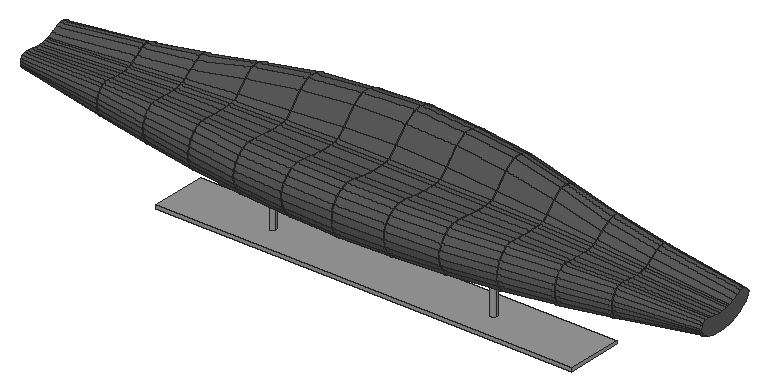
Revit family "Haworth_Inout_Sofa", category Furniture, Revit 2018
Family settings
  OmniClass Number = 23.40.20.00
  OmniClass Title = General Furniture and Specialties
  Work Plane-Based = No
  Always vertical = Yes
  Cut with Voids When Loaded = No
  Shared = No
  Room Calculation Point = No
Parameters (values of type "HCCE-INSP")
  Warranty = "http://www.haworth.com/resources/product-info/warranties"
  Version = "3"  # constant formula
  URL - Product = "http://www.haworth.com/products/Seating/Benches/inout"
  URL = "http://www.haworth.com/our-brands/haworth-collection"
  Size = "Verify Final Dim. w/ Haworth"  # constant formula
  Seat Finish [instance] = Haworth _ Paint _ Collection Black
  Model = "HCCE-INSP"
  Manufacturer = "Haworth"  # constant formula
  Description = "Haworth Inout Sofa"
  Base Finish = Haworth _ Metal _ Stainless Steel
  Author = "SHAPE Environments, LLC"  # constant formula
  Assembly Code = "E2020200"
  Actual Width = 9' - 9 3/4"  # constant formula
  Actual Height = 1' - 9 51/256"  # constant formula
  Actual Depth = 2' - 0 1/2"  # constant formula
Reference planes (in)
  plane 1 "Center Front/Back": y = 0
  plane 2: z = 0
  plane 3 "Center Left/Right": x = 0
  plane 4 "1": x = -59.38437
  plane 5 "Top of Bench": z = 22.8227
  plane 6: x = 59.38437
  plane 7: y = 12.27094
  plane 8: y = -12.27094
Forms (in)
  Extrusion 1, solid, material "Haworth _ Metal _ Stainless Steel" <- "Base Finish"
    sketch origin (0, 0, 0) x (1, 0, 0) y (0, 1, 0)
      loop
        line (-35.86314, 4.89899) -> (-35.86314, -4.95024) -> (36.60857, -4.95024) -> (36.60857, 4.89899) -> (-35.86314, 4.89899)
    from 0 to 0.5
  Extrusion 2, solid, material "Haworth _ Metal _ Stainless Steel" <- "Base Finish"
    sketch origin (0, 0, 0) x (1, 0, 0) y (0, 1, 0)
      loop
        circle (-19.36314, 0) r 0.5
      loop
        circle (19.10857, 0) r 0.5
    from 0.5 to 9.41884
  Blend 3, solid, material "Haworth _ Paint _ Collection Black" <- "Seat Finish"
    base sketch origin (-59.38437, 0, 0) x (0, -1, 0) y (0, 0, 1)
      loop
        line (-4.84477, 16.63546) -> (-5.09473, 16.14456) -> (-5.06698, 15.63439) -> (-4.8368, 15.12901) -> (-4.4922, 14.7321) -> (-3.99719, 14.31626) -> (-3.50999, 13.90855) -> (-2.45167, 13.30561) -> (-0.96856, 12.79068) -> (0, 12.61543) -> (0.88588, 12.54739) -> (2.32248, 12.61019) -> (3.35313, 12.89568) -> (4.0269, 13.15423) -> (4.49254, 13.48767) -> (4.86025, 13.91917) -> (4.96114, 14.21612) -> (5.03026, 14.59593) -> (4.84842, 15.04391) -> (4.55884, 15.44007) -> (4.14371, 15.6324) -> (3.56976, 15.68892) -> (2.82863, 15.66046) -> (1.9239, 15.501) -> (0.9505, 15.4021) -> (0.41597, 15.4433) -> (-0.41499, 15.59344) -> (-0.77428, 15.66962) -> (-1.13357, 15.7458) -> (-1.9239, 16.19461) -> (-2.82863, 16.59459) -> (-3.56976, 16.98281) -> (-4.14371, 17.05849) -> (-4.55884, 16.93818) -> (-4.84477, 16.63546)
    top sketch origin (-44.88902, 0, 0) x (0, -1, 0) y (0, 0, 1)
      loop
        line (-4.18253, 18.53751) -> (-4.9318, 18.46095) -> (-5.58766, 18.2103) -> (-6.10026, 17.55139) -> (-6.41977, 16.70299) -> (-6.53126, 15.66166) -> (-6.15782, 14.68228) -> (-5.76644, 13.68453) -> (-5.09628, 12.85092) -> (-4.41589, 12.22686) -> (-3.02733, 11.33398) -> (-1.19198, 10.49423) -> (0, 10.1019) -> (1.10931, 10.17766) -> (3.08503, 10.49159) -> (4.68565, 11.07232) -> (5.58766, 11.50185) -> (6.10026, 12.13148) -> (6.41977, 12.95518) -> (6.53126, 13.84626) -> (6.41977, 14.55229) -> (6.10026, 15.31941) -> (5.58766, 16.05277) -> (4.9318, 16.34366) -> (4.18253, 16.46722) -> (3.29776, 16.38779) -> (2.22784, 16.26657) -> (1.03316, 16.18851) -> (0.41582, 16.21811) -> (-0.3905, 16.44936) -> (-0.80336, 16.62324) -> (-1.21623, 16.79712) -> (-2.22784, 17.56208) -> (-3.29776, 18.28372) -> (-4.18253, 18.53751)
    from 0 to 0
  Blend 4, solid, material "Haworth _ Paint _ Collection Black" <- "Seat Finish"
    base sketch origin (-44.88902, 0, 0) x (0, -1, 0) y (0, 0, 1)
      loop
        line (-4.9318, 18.46095) -> (-5.58766, 18.2103) -> (-6.10026, 17.55139) -> (-6.41977, 16.70299) -> (-6.53126, 15.66166) -> (-6.15782, 14.68228) -> (-5.76644, 13.68453) -> (-5.09628, 12.85092) -> (-4.41589, 12.22686) -> (-3.02733, 11.33398) -> (-1.19198, 10.49423) -> (0, 10.1019) -> (1.10931, 10.17766) -> (3.08503, 10.49159) -> (4.68565, 11.07232) -> (5.58766, 11.50185) -> (6.10026, 12.13148) -> (6.41977, 12.95518) -> (6.53126, 13.84626) -> (6.41977, 14.55229) -> (6.10026, 15.31941) -> (5.58766, 16.05277) -> (4.9318, 16.34366) -> (4.18253, 16.46722) -> (3.29776, 16.38779) -> (2.22784, 16.26657) -> (1.03316, 16.18851) -> (0.41582, 16.21811) -> (-0.3905, 16.44936) -> (-0.80336, 16.62324) -> (-1.21623, 16.79712) -> (-2.22784, 17.56208) -> (-3.29776, 18.28372) -> (-4.18253, 18.53751) -> (-4.9318, 18.46095)
    top sketch origin (-35.86314, 0, 0) x (0, -1, 0) y (0, 0, 1)
      loop
        line (-7.71806, 15.86784) -> (-7.3889, 14.41398) -> (-6.87475, 13.06859) -> (-6.11123, 11.96604) -> (-5.31446, 11.25302) -> (-3.64599, 10.47966) -> (-1.41984, 9.67949) -> (0, 9.30661) -> (1.33717, 9.40992) -> (3.70369, 9.68342) -> (5.58423, 10.3008) -> (6.60262, 10.79613) -> (7.25084, 11.63144) -> (7.60381, 12.59011) -> (7.7356, 13.60391) -> (7.58627, 14.40676) -> (7.20857, 15.29132) -> (6.60262, 16.14851) -> (5.8302, 16.7204) -> (4.95309, 16.77323) -> (3.91463, 16.73373) -> (2.65816, 16.67884) -> (1.20609, 16.67587) -> (0.41598, 16.65643) -> (-0.38385, 16.88254) -> (-0.92528, 17.05935) -> (-1.4667, 17.46964) -> (-2.65816, 18.28974) -> (-3.91463, 19.18306) -> (-4.95309, 19.60274) -> (-5.83019, 19.62011) -> (-6.60262, 19.09888) -> (-7.20857, 18.27294) -> (-7.58627, 17.22656) -> (-7.71806, 15.86784)
    from 0 to 0.03956
  Blend 5, solid, material "Haworth _ Paint _ Collection Black" <- "Seat Finish"
    base sketch origin (-35.86314, 0, 0) x (0, -1, 0) y (0, 0, 1)
      loop
        line (7.20857, 15.29132) -> (6.60262, 16.14851) -> (5.8302, 16.7204) -> (4.95309, 16.77323) -> (3.91463, 16.73373) -> (2.65816, 16.67884) -> (1.20609, 16.67587) -> (0.41598, 16.65643) -> (-0.38385, 16.88254) -> (-0.92528, 17.05935) -> (-1.4667, 17.46964) -> (-2.65816, 18.28974) -> (-3.91463, 19.18306) -> (-4.95309, 19.60274) -> (-5.83019, 19.62011) -> (-6.60262, 19.09888) -> (-7.20857, 18.27294) -> (-7.58627, 17.22656) -> (-7.71806, 15.86784) -> (-7.3889, 14.41398) -> (-6.87475, 13.06859) -> (-6.11123, 11.96604) -> (-5.31446, 11.25302) -> (-3.64599, 10.47966) -> (-1.41984, 9.67949) -> (0, 9.30661) -> (1.33717, 9.40992) -> (3.70369, 9.68342) -> (5.58423, 10.3008) -> (6.60262, 10.79613) -> (7.25084, 11.63144) -> (7.60381, 12.59011) -> (7.7356, 13.60391) -> (7.58627, 14.40676) -> (7.20857, 15.29132)
    top sketch origin (-26.91546, 0, 0) x (0, -1, 0) y (0, 0, 1)
      loop
        line (-6.9987, 20.83922) -> (-7.86343, 20.19668) -> (-8.53693, 19.32544) -> (-8.95649, 18.06191) -> (-9.1024, 16.20678) -> (-8.81847, 14.13453) -> (-7.99626, 12.58447) -> (-6.99712, 11.39466) -> (-6.10798, 10.72775) -> (-4.52488, 9.75996) -> (-1.73717, 9.13546) -> (0, 8.92038) -> (1.73283, 8.92721) -> (4.58258, 9.25411) -> (6.67104, 9.79269) -> (7.82432, 10.40082) -> (8.5358, 11.30871) -> (8.95547, 12.33149) -> (9.1024, 13.42897) -> (8.95649, 14.46565) -> (8.53693, 15.43889) -> (7.86343, 16.34895) -> (6.9987, 17.00868) -> (6.0046, 17.27079) -> (4.79545, 17.21786) -> (3.28522, 17.14006) -> (1.63222, 17.13359) -> (0.41603, 17.14963) -> (-0.39265, 17.17399) -> (-1.02465, 17.3824) -> (-1.8567, 18.07384) -> (-3.28522, 19.70727) -> (-4.79545, 20.93201) -> (-6.0046, 21.02939) -> (-6.9987, 20.83922)
    from 0 to 0
  Blend 6, solid, material "Haworth _ Paint _ Collection Black" <- "Seat Finish"
    base sketch origin (-26.91546, 0, 0) x (0, -1, 0) y (0, 0, 1)
      loop
        line (8.53693, 15.43889) -> (7.86343, 16.34895) -> (6.9987, 17.00868) -> (6.0046, 17.27079) -> (4.79545, 17.21786) -> (3.28522, 17.14006) -> (1.63222, 17.13359) -> (0.41603, 17.14963) -> (-0.39265, 17.17399) -> (-1.02465, 17.3824) -> (-1.8567, 18.07384) -> (-3.28522, 19.70727) -> (-4.79545, 20.93201) -> (-6.0046, 21.02939) -> (-6.9987, 20.83922) -> (-7.86343, 20.19668) -> (-8.53693, 19.32544) -> (-8.95649, 18.06191) -> (-9.1024, 16.20678) -> (-8.81847, 14.13453) -> (-7.99626, 12.58447) -> (-6.99712, 11.39466) -> (-6.10798, 10.72775) -> (-4.52488, 9.75996) -> (-1.73717, 9.13546) -> (0, 8.92038) -> (1.73283, 8.92721) -> (4.58258, 9.25411) -> (6.67104, 9.79269) -> (7.82432, 10.40082) -> (8.5358, 11.30871) -> (8.95547, 12.33149) -> (9.1024, 13.42897) -> (8.95649, 14.46565) -> (8.53693, 15.43889)
    top sketch origin (-17.92772, 0, 0) x (0, -1, 0) y (0, 0, 1)
      loop
        line (-5.83129, 22.00313) -> (-7.29726, 22.00393) -> (-8.50993, 21.68355) -> (-9.50368, 20.99636) -> (-10.2267, 20.15113) -> (-10.67721, 18.72857) -> (-10.63621, 16.3379) -> (-9.89227, 13.86056) -> (-9.06529, 12.16952) -> (-7.79861, 10.93472) -> (-7.04334, 10.27067) -> (-5.35694, 9.3663) -> (-2.21708, 8.65536) -> (0, 8.5219) -> (2.1344, 8.53355) -> (5.13245, 8.93111) -> (7.42562, 9.48185) -> (8.72383, 10.22133) -> (9.4924, 11.13277) -> (10.18474, 12.21376) -> (10.54381, 13.45412) -> (10.38679, 14.57637) -> (9.93629, 15.61546) -> (9.21326, 16.57483) -> (8.27747, 17.28791) -> (7.18913, 17.60333) -> (5.82891, 17.58327) -> (4.07875, 17.43637) -> (2.13305, 17.28219) -> (0.41602, 17.25735) -> (-0.38696, 17.2926) -> (-1.0681, 17.53325) -> (-2.13305, 18.49115) -> (-4.07875, 20.85263) -> (-5.83129, 22.00313)
    from 0 to 0
  Blend 7, solid, material "Haworth _ Paint _ Collection Black" <- "Seat Finish"
    base sketch origin (-17.92772, 0, 0) x (0, -1, 0) y (0, 0, 1)
      loop
        line (9.21326, 16.57483) -> (8.27747, 17.28791) -> (7.18913, 17.60333) -> (5.82891, 17.58327) -> (4.07875, 17.43637) -> (2.13305, 17.28219) -> (0.41602, 17.25735) -> (-0.38696, 17.2926) -> (-1.0681, 17.53325) -> (-2.13305, 18.49115) -> (-4.07875, 20.85263) -> (-5.83129, 22.00313) -> (-7.29726, 22.00393) -> (-8.50993, 21.68355) -> (-9.50368, 20.99636) -> (-10.2267, 20.15113) -> (-10.67721, 18.72857) -> (-10.63621, 16.3379) -> (-9.89227, 13.86056) -> (-9.06529, 12.16952) -> (-7.79861, 10.93472) -> (-7.04334, 10.27067) -> (-5.35694, 9.3663) -> (-2.21708, 8.65536) -> (0, 8.5219) -> (2.1344, 8.53355) -> (5.13245, 8.93111) -> (7.42562, 9.48185) -> (8.72383, 10.22133) -> (9.4924, 11.13277) -> (10.18474, 12.21376) -> (10.54381, 13.45412) -> (10.38679, 14.57637) -> (9.93629, 15.61546) -> (9.21326, 16.57483)
    top sketch origin (-8.94001, 0, 0) x (0, -1, 0) y (0, 0, 1)
      loop
        line (6.43645, 17.82923) -> (4.54881, 17.52498) -> (2.4327, 17.32082) -> (0.41604, 17.32754) -> (-0.38059, 17.39261) -> (-1.05569, 17.61608) -> (-2.4327, 18.90977) -> (-4.54881, 21.37832) -> (-6.43645, 22.56809) -> (-7.98202, 22.47147) -> (-9.26916, 22.09555) -> (-10.31957, 21.40654) -> (-11.08112, 20.57161) -> (-11.55579, 19.05526) -> (-11.52341, 16.3628) -> (-10.46675, 13.54877) -> (-9.41369, 11.87749) -> (-8.12114, 10.61819) -> (-7.31361, 9.96783) -> (-5.75787, 9.21023) -> (-2.51271, 8.45302) -> (0, 8.23235) -> (2.43003, 8.32549) -> (5.64333, 8.7054) -> (7.96996, 9.37672) -> (9.24897, 10.10307) -> (10.19236, 10.99792) -> (10.90866, 12.2023) -> (11.27608, 13.54833) -> (11.26538, 14.82427) -> (10.79071, 15.88304) -> (10.02916, 16.79551) -> (9.04139, 17.48452) -> (7.88798, 17.86018) -> (6.43645, 17.82923)
    from 0 to 0
  Blend 8, solid, material "Haworth _ Paint _ Collection Black" <- "Seat Finish"
    base sketch origin (-8.94001, 0, 0) x (0, -1, 0) y (0, 0, 1)
      loop
        line (10.79071, 15.88304) -> (10.02916, 16.79551) -> (9.04139, 17.48452) -> (7.88798, 17.86018) -> (6.43645, 17.82923) -> (4.54881, 17.52498) -> (2.4327, 17.32082) -> (0.41604, 17.32754) -> (-0.38059, 17.39261) -> (-1.05569, 17.61608) -> (-2.4327, 18.90977) -> (-4.54881, 21.37832) -> (-6.43645, 22.56809) -> (-7.98202, 22.47147) -> (-9.26916, 22.09555) -> (-10.31957, 21.40654) -> (-11.08112, 20.57161) -> (-11.55579, 19.05526) -> (-11.52341, 16.3628) -> (-10.46675, 13.54877) -> (-9.41369, 11.87749) -> (-8.12114, 10.61819) -> (-7.31361, 9.96783) -> (-5.75787, 9.21023) -> (-2.51271, 8.45302) -> (0, 8.23235) -> (2.43003, 8.32549) -> (5.64333, 8.7054) -> (7.96996, 9.37672) -> (9.24897, 10.10307) -> (10.19236, 10.99792) -> (10.90866, 12.2023) -> (11.27608, 13.54833) -> (11.26538, 14.82427) -> (10.79071, 15.88304)
    top sketch origin (0, 0, 0) x (0, 1, 0) y (0, 0, 1)
      loop
        line (-4.6313, 17.50668) -> (-6.55739, 17.93101) -> (-8.0383, 17.98146) -> (-9.21496, 17.57083) -> (-10.22265, 16.84348) -> (-10.99954, 15.87193) -> (-11.47632, 14.87767) -> (-11.49035, 13.52085) -> (-11.22289, 12.11238) -> (-10.49702, 10.88308) -> (-9.53828, 10.00329) -> (-8.20481, 9.24335) -> (-5.85961, 8.55662) -> (-2.4691, 8.15448) -> (0, 8.06591) -> (2.55178, 8.28317) -> (5.8788, 9.1134) -> (7.48718, 9.74662) -> (8.31462, 10.35905) -> (9.62246, 11.5368) -> (10.67025, 13.10107) -> (11.74515, 16.0295) -> (11.7742, 19.21068) -> (11.28995, 20.92742) -> (10.51306, 21.81591) -> (9.43977, 22.54327) -> (8.26584, 22.8227) -> (6.84522, 22.85257) -> (4.75404, 21.5903) -> (2.56319, 19.15839) -> (1.03443, 17.65165) -> (0.37452, 17.41616) -> (-0.41604, 17.33234) -> (-2.47192, 17.3282) -> (-4.6313, 17.50668)
    from 0 to 0
  Blend 9, solid, material "Haworth _ Paint _ Collection Black" <- "Seat Finish"
    base sketch origin (59.38437, 0, 0) x (0, -1, 0) y (0, 0, -1)
      loop
        line (-4.84477, -16.63546) -> (-4.55884, -16.93818) -> (-4.14371, -17.05849) -> (-3.56976, -16.98281) -> (-2.82863, -16.59459) -> (-1.9239, -16.19461) -> (-1.13357, -15.7458) -> (-0.77428, -15.66962) -> (-0.41499, -15.59344) -> (0.41597, -15.4433) -> (0.9505, -15.4021) -> (1.9239, -15.501) -> (2.82863, -15.66046) -> (3.56976, -15.68892) -> (4.14371, -15.6324) -> (4.55884, -15.44007) -> (4.84842, -15.04391) -> (5.03026, -14.59593) -> (4.96114, -14.21612) -> (4.86025, -13.91917) -> (4.49254, -13.48767) -> (4.0269, -13.15423) -> (3.35313, -12.89568) -> (2.32248, -12.61019) -> (0.88588, -12.54739) -> (0, -12.61543) -> (-0.96856, -12.79068) -> (-2.45167, -13.30561) -> (-3.50999, -13.90855) -> (-3.99719, -14.31626) -> (-4.4922, -14.7321) -> (-4.8368, -15.12901) -> (-5.06698, -15.63439) -> (-5.09473, -16.14456) -> (-4.84477, -16.63546)
    top sketch origin (44.88902, 0, 0) x (0, -1, 0) y (0, 0, -1)
      loop
        line (-4.18253, -18.53751) -> (-3.29776, -18.28372) -> (-2.22784, -17.56208) -> (-1.21623, -16.79712) -> (-0.80336, -16.62324) -> (-0.3905, -16.44936) -> (0.41582, -16.21811) -> (1.03316, -16.18851) -> (2.22784, -16.26657) -> (3.29776, -16.38779) -> (4.18253, -16.46722) -> (4.9318, -16.34366) -> (5.58766, -16.05277) -> (6.10026, -15.31941) -> (6.41977, -14.55229) -> (6.53126, -13.84626) -> (6.41977, -12.95518) -> (6.10026, -12.13148) -> (5.58766, -11.50185) -> (4.68565, -11.07232) -> (3.08503, -10.49159) -> (1.10931, -10.17766) -> (0, -10.1019) -> (-1.19198, -10.49423) -> (-3.02733, -11.33398) -> (-4.41589, -12.22686) -> (-5.09628, -12.85092) -> (-5.76644, -13.68453) -> (-6.15782, -14.68228) -> (-6.53126, -15.66166) -> (-6.41977, -16.70299) -> (-6.10026, -17.55139) -> (-5.58766, -18.2103) -> (-4.9318, -18.46095) -> (-4.18253, -18.53751)
    from 0 to 0
  Blend 10, solid, material "Haworth _ Paint _ Collection Black" <- "Seat Finish"
    base sketch origin (44.88902, 0, 0) x (0, -1, 0) y (0, 0, -1)
      loop
        line (-4.9318, -18.46095) -> (-4.18253, -18.53751) -> (-3.29776, -18.28372) -> (-2.22784, -17.56208) -> (-1.21623, -16.79712) -> (-0.80336, -16.62324) -> (-0.3905, -16.44936) -> (0.41582, -16.21811) -> (1.03316, -16.18851) -> (2.22784, -16.26657) -> (3.29776, -16.38779) -> (4.18253, -16.46722) -> (4.9318, -16.34366) -> (5.58766, -16.05277) -> (6.10026, -15.31941) -> (6.41977, -14.55229) -> (6.53126, -13.84626) -> (6.41977, -12.95518) -> (6.10026, -12.13148) -> (5.58766, -11.50185) -> (4.68565, -11.07232) -> (3.08503, -10.49159) -> (1.10931, -10.17766) -> (0, -10.1019) -> (-1.19198, -10.49423) -> (-3.02733, -11.33398) -> (-4.41589, -12.22686) -> (-5.09628, -12.85092) -> (-5.76644, -13.68453) -> (-6.15782, -14.68228) -> (-6.53126, -15.66166) -> (-6.41977, -16.70299) -> (-6.10026, -17.55139) -> (-5.58766, -18.2103) -> (-4.9318, -18.46095)
    top sketch origin (35.86314, 0, 0) x (0, -1, 0) y (0, 0, -1)
      loop
        line (-7.71806, -15.86784) -> (-7.58627, -17.22656) -> (-7.20857, -18.27294) -> (-6.60262, -19.09888) -> (-5.83019, -19.62011) -> (-4.95309, -19.60274) -> (-3.91463, -19.18306) -> (-2.65816, -18.28974) -> (-1.4667, -17.46964) -> (-0.92528, -17.05935) -> (-0.38385, -16.88254) -> (0.41598, -16.65643) -> (1.20609, -16.67587) -> (2.65816, -16.67884) -> (3.91463, -16.73373) -> (4.95309, -16.77323) -> (5.8302, -16.7204) -> (6.60262, -16.14851) -> (7.20857, -15.29132) -> (7.58627, -14.40676) -> (7.7356, -13.60391) -> (7.60381, -12.59011) -> (7.25084, -11.63144) -> (6.60262, -10.79613) -> (5.58423, -10.3008) -> (3.70369, -9.68342) -> (1.33717, -9.40992) -> (0, -9.30661) -> (-1.41984, -9.67949) -> (-3.64599, -10.47966) -> (-5.31446, -11.25302) -> (-6.11123, -11.96604) -> (-6.87475, -13.06859) -> (-7.3889, -14.41398) -> (-7.71806, -15.86784)
    from 0 to 0.03956
  Blend 11, solid, material "Haworth _ Paint _ Collection Black" <- "Seat Finish"
    base sketch origin (35.86314, 0, 0) x (0, -1, 0) y (0, 0, -1)
      loop
        line (7.20857, -15.29132) -> (7.58627, -14.40676) -> (7.7356, -13.60391) -> (7.60381, -12.59011) -> (7.25084, -11.63144) -> (6.60262, -10.79613) -> (5.58423, -10.3008) -> (3.70369, -9.68342) -> (1.33717, -9.40992) -> (0, -9.30661) -> (-1.41984, -9.67949) -> (-3.64599, -10.47966) -> (-5.31446, -11.25302) -> (-6.11123, -11.96604) -> (-6.87475, -13.06859) -> (-7.3889, -14.41398) -> (-7.71806, -15.86784) -> (-7.58627, -17.22656) -> (-7.20857, -18.27294) -> (-6.60262, -19.09888) -> (-5.83019, -19.62011) -> (-4.95309, -19.60274) -> (-3.91463, -19.18306) -> (-2.65816, -18.28974) -> (-1.4667, -17.46964) -> (-0.92528, -17.05935) -> (-0.38385, -16.88254) -> (0.41598, -16.65643) -> (1.20609, -16.67587) -> (2.65816, -16.67884) -> (3.91463, -16.73373) -> (4.95309, -16.77323) -> (5.8302, -16.7204) -> (6.60262, -16.14851) -> (7.20857, -15.29132)
    top sketch origin (26.91546, 0, 0) x (0, -1, 0) y (0, 0, -1)
      loop
        line (-6.9987, -20.83922) -> (-6.0046, -21.02939) -> (-4.79545, -20.93201) -> (-3.28522, -19.70727) -> (-1.8567, -18.07384) -> (-1.02465, -17.3824) -> (-0.39265, -17.17399) -> (0.41603, -17.14963) -> (1.63222, -17.13359) -> (3.28522, -17.14006) -> (4.79545, -17.21786) -> (6.0046, -17.27079) -> (6.9987, -17.00868) -> (7.86343, -16.34895) -> (8.53693, -15.43889) -> (8.95649, -14.46565) -> (9.1024, -13.42897) -> (8.95547, -12.33149) -> (8.5358, -11.30871) -> (7.82432, -10.40082) -> (6.67104, -9.79269) -> (4.58258, -9.25411) -> (1.73283, -8.92721) -> (0, -8.92038) -> (-1.73717, -9.13546) -> (-4.52488, -9.75996) -> (-6.10798, -10.72775) -> (-6.99712, -11.39466) -> (-7.99626, -12.58447) -> (-8.81847, -14.13453) -> (-9.1024, -16.20678) -> (-8.95649, -18.06191) -> (-8.53693, -19.32544) -> (-7.86343, -20.19668) -> (-6.9987, -20.83922)
    from 0 to 0
  Blend 12, solid, material "Haworth _ Paint _ Collection Black" <- "Seat Finish"
    base sketch origin (26.91546, 0, 0) x (0, -1, 0) y (0, 0, -1)
      loop
        line (8.53693, -15.43889) -> (8.95649, -14.46565) -> (9.1024, -13.42897) -> (8.95547, -12.33149) -> (8.5358, -11.30871) -> (7.82432, -10.40082) -> (6.67104, -9.79269) -> (4.58258, -9.25411) -> (1.73283, -8.92721) -> (0, -8.92038) -> (-1.73717, -9.13546) -> (-4.52488, -9.75996) -> (-6.10798, -10.72775) -> (-6.99712, -11.39466) -> (-7.99626, -12.58447) -> (-8.81847, -14.13453) -> (-9.1024, -16.20678) -> (-8.95649, -18.06191) -> (-8.53693, -19.32544) -> (-7.86343, -20.19668) -> (-6.9987, -20.83922) -> (-6.0046, -21.02939) -> (-4.79545, -20.93201) -> (-3.28522, -19.70727) -> (-1.8567, -18.07384) -> (-1.02465, -17.3824) -> (-0.39265, -17.17399) -> (0.41603, -17.14963) -> (1.63222, -17.13359) -> (3.28522, -17.14006) -> (4.79545, -17.21786) -> (6.0046, -17.27079) -> (6.9987, -17.00868) -> (7.86343, -16.34895) -> (8.53693, -15.43889)
    top sketch origin (17.92772, 0, 0) x (0, -1, 0) y (0, 0, -1)
      loop
        line (-5.83129, -22.00313) -> (-4.07875, -20.85263) -> (-2.13305, -18.49115) -> (-1.0681, -17.53325) -> (-0.38696, -17.2926) -> (0.41602, -17.25735) -> (2.13305, -17.28219) -> (4.07875, -17.43637) -> (5.82891, -17.58327) -> (7.18913, -17.60333) -> (8.27747, -17.28791) -> (9.21326, -16.57483) -> (9.93629, -15.61546) -> (10.38679, -14.57637) -> (10.54381, -13.45412) -> (10.18474, -12.21376) -> (9.4924, -11.13277) -> (8.72383, -10.22133) -> (7.42562, -9.48185) -> (5.13245, -8.93111) -> (2.1344, -8.53355) -> (0, -8.5219) -> (-2.21708, -8.65536) -> (-5.35694, -9.3663) -> (-7.04334, -10.27067) -> (-7.79861, -10.93472) -> (-9.06529, -12.16952) -> (-9.89227, -13.86056) -> (-10.63621, -16.3379) -> (-10.67721, -18.72857) -> (-10.2267, -20.15113) -> (-9.50368, -20.99636) -> (-8.50993, -21.68355) -> (-7.29726, -22.00393) -> (-5.83129, -22.00313)
    from 0 to 0
  Blend 13, solid, material "Haworth _ Paint _ Collection Black" <- "Seat Finish"
    base sketch origin (17.92772, 0, 0) x (0, -1, 0) y (0, 0, -1)
      loop
        line (9.21326, -16.57483) -> (9.93629, -15.61546) -> (10.38679, -14.57637) -> (10.54381, -13.45412) -> (10.18474, -12.21376) -> (9.4924, -11.13277) -> (8.72383, -10.22133) -> (7.42562, -9.48185) -> (5.13245, -8.93111) -> (2.1344, -8.53355) -> (0, -8.5219) -> (-2.21708, -8.65536) -> (-5.35694, -9.3663) -> (-7.04334, -10.27067) -> (-7.79861, -10.93472) -> (-9.06529, -12.16952) -> (-9.89227, -13.86056) -> (-10.63621, -16.3379) -> (-10.67721, -18.72857) -> (-10.2267, -20.15113) -> (-9.50368, -20.99636) -> (-8.50993, -21.68355) -> (-7.29726, -22.00393) -> (-5.83129, -22.00313) -> (-4.07875, -20.85263) -> (-2.13305, -18.49115) -> (-1.0681, -17.53325) -> (-0.38696, -17.2926) -> (0.41602, -17.25735) -> (2.13305, -17.28219) -> (4.07875, -17.43637) -> (5.82891, -17.58327) -> (7.18913, -17.60333) -> (8.27747, -17.28791) -> (9.21326, -16.57483)
    top sketch origin (8.94001, 0, 0) x (0, -1, 0) y (0, 0, -1)
      loop
        line (6.43645, -17.82923) -> (7.88798, -17.86018) -> (9.04139, -17.48452) -> (10.02916, -16.79551) -> (10.79071, -15.88304) -> (11.26538, -14.82427) -> (11.27608, -13.54833) -> (10.90866, -12.2023) -> (10.19236, -10.99792) -> (9.24897, -10.10307) -> (7.96996, -9.37672) -> (5.64333, -8.7054) -> (2.43003, -8.32549) -> (0, -8.23235) -> (-2.51271, -8.45302) -> (-5.75787, -9.21023) -> (-7.31361, -9.96783) -> (-8.12114, -10.61819) -> (-9.41369, -11.87749) -> (-10.46675, -13.54877) -> (-11.52341, -16.3628) -> (-11.55579, -19.05526) -> (-11.08112, -20.57161) -> (-10.31957, -21.40654) -> (-9.26916, -22.09555) -> (-7.98202, -22.47147) -> (-6.43645, -22.56809) -> (-4.54881, -21.37832) -> (-2.4327, -18.90977) -> (-1.05569, -17.61608) -> (-0.38059, -17.39261) -> (0.41604, -17.32754) -> (2.4327, -17.32082) -> (4.54881, -17.52498) -> (6.43645, -17.82923)
    from 0 to 0
  Blend 14, solid, material "Haworth _ Paint _ Collection Black" <- "Seat Finish"
    base sketch origin (8.94001, 0, 0) x (0, -1, 0) y (0, 0, -1)
      loop
        line (10.79071, -15.88304) -> (11.26538, -14.82427) -> (11.27608, -13.54833) -> (10.90866, -12.2023) -> (10.19236, -10.99792) -> (9.24897, -10.10307) -> (7.96996, -9.37672) -> (5.64333, -8.7054) -> (2.43003, -8.32549) -> (0, -8.23235) -> (-2.51271, -8.45302) -> (-5.75787, -9.21023) -> (-7.31361, -9.96783) -> (-8.12114, -10.61819) -> (-9.41369, -11.87749) -> (-10.46675, -13.54877) -> (-11.52341, -16.3628) -> (-11.55579, -19.05526) -> (-11.08112, -20.57161) -> (-10.31957, -21.40654) -> (-9.26916, -22.09555) -> (-7.98202, -22.47147) -> (-6.43645, -22.56809) -> (-4.54881, -21.37832) -> (-2.4327, -18.90977) -> (-1.05569, -17.61608) -> (-0.38059, -17.39261) -> (0.41604, -17.32754) -> (2.4327, -17.32082) -> (4.54881, -17.52498) -> (6.43645, -17.82923) -> (7.88798, -17.86018) -> (9.04139, -17.48452) -> (10.02916, -16.79551) -> (10.79071, -15.88304)
    top sketch origin (0, 0, 0) x (0, 1, 0) y (0, 0, -1)
      loop
        line (-4.6313, -17.50668) -> (-2.47192, -17.3282) -> (-0.41604, -17.33234) -> (0.37452, -17.41616) -> (1.03443, -17.65165) -> (2.56319, -19.15839) -> (4.75404, -21.5903) -> (6.84522, -22.85257) -> (8.26584, -22.8227) -> (9.43977, -22.54327) -> (10.51306, -21.81591) -> (11.28995, -20.92742) -> (11.7742, -19.21068) -> (11.74515, -16.0295) -> (10.67025, -13.10107) -> (9.62246, -11.5368) -> (8.31462, -10.35905) -> (7.48718, -9.74662) -> (5.8788, -9.1134) -> (2.55178, -8.28317) -> (0, -8.06591) -> (-2.4691, -8.15448) -> (-5.85961, -8.55662) -> (-8.20481, -9.24335) -> (-9.53828, -10.00329) -> (-10.49702, -10.88308) -> (-11.22289, -12.11238) -> (-11.49035, -13.52085) -> (-11.47632, -14.87767) -> (-10.99954, -15.87193) -> (-10.22265, -16.84348) -> (-9.21496, -17.57083) -> (-8.0383, -17.98146) -> (-6.55739, -17.93101) -> (-4.6313, -17.50668)
    from 0 to 0
Lines and regions (in)
  Masking region 1
    outline origin (0, 0, 22.8227) x (-1, 0, 0) y (0, -1, 0)
      loop
        line (59.38437, -5.09473) -> (59.38437, 5.09473)
        arc (59.38437, 5.09473) -> (38.58817, 7.3577) -> (17.92772, 10.63621) r 427.10525
        arc (17.92772, 10.63621) -> (0, 12.27094) -> (-17.92772, 10.63621) r 99.12257
        arc (-17.92772, 10.63621) -> (-38.58817, 7.3577) -> (-59.38437, 5.09473) r 427.10525
        line (-59.38437, 5.09473) -> (-59.38437, -5.09473)
        arc (-59.38437, -5.09473) -> (-38.58817, -7.3577) -> (-17.92772, -10.63621) r 427.10525
        arc (-17.92772, -10.63621) -> (0, -12.27094) -> (17.92772, -10.63621) r 99.12257
        arc (17.92772, -10.63621) -> (38.58817, -7.3577) -> (59.38437, -5.09473) r 427.10525
  symbolic lines
    curve 1: arc (-35.9027, 2.65816, 22.8227) -> (-0.01978, 5.86786, 22.8227) -> (35.86314, 2.65816, 22.8227) r 202.18181
Dimensions and locks (in)
  aligned and locked: level to plane 2
  aligned and locked: Extrusion 2 to Extrusion 1
